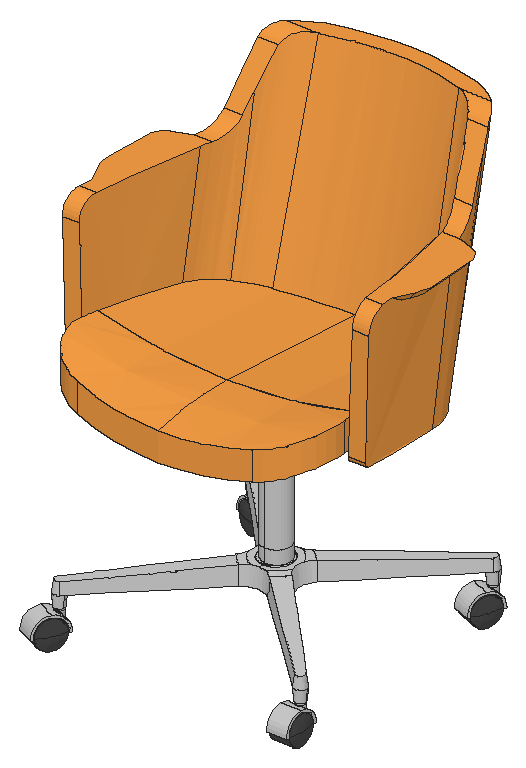
Revit family "FU_Inspec_Carousel_2-2", category Furniture, Revit 2020
Family settings
  OmniClass Number = 23.40.20.00
  OmniClass Title = General Furniture and Specialties
  Work Plane-Based = No
  Always vertical = Yes
  Cut with Voids When Loaded = No
  Shared = No
  Room Calculation Point = No
Parameters (values of type "Carousel 2.2")
  Width = 620 mm
  Default Elevation = 0 mm
  Back Inside Primary Material = Fabric - Orange
  URL = "https://inspecfurniture.com/product-details/carousel-2-2/"
  Seat Material = Fabric - Orange
  No_Casters [instance] = not(Castors)  # no
  Model = "Carousel 2.2"
  Manufacturer = "Inspec"  # constant formula
  Keynote = "46.B"
  Height = 810 mm
  Frame Material = Metal - Chrome - Polished
  Feet Material = Metal - Chrome - Polished
  Description = "Armchair on a 360° swivel chrome or black powder coat base on casters. Upholstered seat and back."
  Content Author = "AEC AB"  # constant formula
  Castors [instance] = yes
  Back Outside Material = Fabric - Orange
  Assembly Code = "E2020"
Types (3, lengths in mm): name | Back Inside Primary Material | URL | Seat Material | No_Casters | Model | Description | Castors | Back Outside Material
  Carousel 2.1 | Leather - Light Tan | "https://inspecfurniture.com/product-details/carousel-2-1/" | Leather - Light Tan | yes | "Carousel 2.1" | "Armchair on a 360° swivel chrome or black powder coat base. Upholstered seat and back." | no | Leather - Light Tan
  Carousel 2.2 | Fabric - Orange | "https://inspecfurniture.com/product-details/carousel-2-2/" | Fabric - Orange | no | "Carousel 2.2" | "Armchair on a 360° swivel chrome or black powder coat base on casters. Upholstered seat and back." | yes | Fabric - Orange
  Carousel 2.3 | Fabric - Grey Woven | "https://inspecfurniture.com/product-details/carousel-2-2/" | Fabric - Grey Woven | yes | "Carousel 2.2" | "Armchair on a 360° swivel chrome or black powder coat base on casters. Upholstered seat and back." | no | Fabric - Grey Woven
Reference planes
  plane 1 "Center (Front/Back)": y = 0
  plane 2: z = 0
  plane 3 "Center (Left/Right)": x = 0
  plane 4: x = -310
  plane 5: x = 310
  plane 6: y = 330
  plane 7: y = -290
  plane 8 "Seat Top": z = 460
  plane 9 "Back Top": z = 818.045
  plane 10 "Back Bottom": z = 369.633
Forms (mm)
  Extrusion 1, void
    sketch origin (0, 0, 0) x (0, 1, 0) y (0, 0, 1)
      loop
        line (325.467, 811.578) -> (325.467, 841.578) -> (-159.533, 841.578) -> (-159.533, 356.578) -> (297.241, 356.578) -> (-128.496, 416.412)
        arc (-128.496, 416.412) -> (-133.818, 419.301) -> (-135.939, 424.974) r 8.646
        line (-135.939, 424.974) -> (-135.939, 632.963)
        arc (-135.939, 632.963) -> (-125.688, 657.711) -> (-100.939, 667.963) r 35
        line (-100.939, 667.963) -> (115.796, 667.963)
        arc (115.796, 667.963) -> (143.296, 675.331) -> (163.428, 695.463) r 55
        line (163.428, 695.463) -> (218.914, 791.568)
        arc (218.914, 791.568) -> (233.563, 806.216) -> (253.573, 811.578) r 40.021
        line (253.573, 811.578) -> (325.467, 811.578)
    from -310 to 308.659
  Sweep 2, solid, material "Fabric - Orange" <- "Seat Material"
    path origin (0, 0, 0) x (0, 1, 0) y (0, 0, 1)
      loop
        line (212.845, 430.065) -> (-110.927, 454.543)
        arc (-110.927, 454.543) -> (-227.217, 449.39) -> (-338.967, 416.8) r 487.236
    profile origin (0, 50.959, 442.304) x (0, -0.075386, -0.997154) y (1, 0, 0)
      loop
        arc (0, 0) -> (-10.078, -137.544) -> (-40.097, -272.15) r 943.634
        line (-40.097, -272.15) -> (12.004, -272.15)
        arc (12.004, -272.15) -> (40.455, -137.395) -> (50, 0) r 993.634
        arc (50, 0) -> (40.455, 137.395) -> (12.004, 272.15) r 993.634
        line (12.004, 272.15) -> (-40.097, 272.15)
        arc (-40.097, 272.15) -> (-10.078, 137.544) -> (0, 0) r 943.634
  Extrusion 3, void
    sketch origin (0, 0, 460) x (-1, 0, 0) y (0, -1, 0)
      loop
        line (-310, 363.222) -> (-310, -305.452) -> (0, -305.452) -> (310, -305.452) -> (310, 363.222) -> (0, 363.222) -> (-310, 363.222)
      loop
        arc (133.176, -147.326) -> (158.903, -131.941) -> (180.871, -111.547) r 143.473
        arc (180.871, -111.547) -> (202.812, -77.86) -> (214.546, -39.407) r 143.473
        arc (214.546, -39.407) -> (227.57, 51.733) -> (238.102, 143.194) r 3371.638
        arc (238.102, 143.194) -> (218.874, 212.924) -> (157.653, 251.446) r 100
        arc (157.653, 251.446) -> (0, 266.594) -> (-157.653, 251.446) r 827.933
        arc (-157.653, 251.446) -> (-218.874, 212.924) -> (-238.102, 143.194) r 100
        arc (-238.102, 143.194) -> (-227.57, 51.733) -> (-214.546, -39.407) r 3371.638
        arc (-214.546, -39.407) -> (-202.812, -77.86) -> (-180.871, -111.547) r 143.473
        arc (-180.871, -111.547) -> (-158.903, -131.941) -> (-133.176, -147.326) r 143.473
        arc (-133.176, -147.326) -> (-68.187, -169.684) -> (0, -178.28) r 334.334
        arc (0, -178.28) -> (68.187, -169.684) -> (133.176, -147.326) r 334.334
    from -90.367 to 60.638
  Revolve 4, solid, material "Metal - Chrome - Polished" <- "Frame Material"
    sketch origin (0, 0, 0) x (0, 1, 0) y (0, 0, 1)
      loop
        line (-23.532, 86.668) -> (0, 86.668) -> (0, 339.093) -> (-13.883, 339.093) -> (-13.883, 302) -> (-25.061, 302) -> (-25.061, 144.981) -> (-23.532, 86.668)
      axis (0, 86.668) -> (0, 339.093)
    angle from 0 to 360
  Extrusion 5, solid, material "Fabric - Orange" <- "Seat Material"
    sketch origin (0, 0, 460) x (-1, 0, 0) y (0, -1, 0)
      loop
        line (-42.181, -84.182) -> (42.181, -84.182)
        arc (42.181, -84.182) -> (52.788, -79.789) -> (57.181, -69.182) r 15
        line (57.181, -69.182) -> (57.181, 69.182)
        arc (57.181, 69.182) -> (52.788, 79.789) -> (42.181, 84.182) r 15
        line (42.181, 84.182) -> (-42.181, 84.182)
        arc (-42.181, 84.182) -> (-52.788, 79.789) -> (-57.181, 69.182) r 15
        line (-57.181, 69.182) -> (-57.181, -69.182)
        arc (-57.181, -69.182) -> (-52.788, -79.789) -> (-42.181, -84.182) r 15
    from -53.609 to -95.025
  Extrusion 6, solid, material "Fabric - Orange" <- "Seat Material"
    sketch origin (0, 0, 460) x (-1, 0, 0) y (0, -1, 0)
      loop
        arc (42.299, -46.999) -> (45.835, -45.535) -> (47.299, -41.999) r 5
        line (47.299, -41.999) -> (47.299, 41.999)
        arc (47.299, 41.999) -> (45.835, 45.535) -> (42.299, 46.999) r 5
        line (42.299, 46.999) -> (-42.299, 46.999)
        arc (-42.299, 46.999) -> (-45.834, 45.535) -> (-47.299, 41.999) r 5
        line (-47.299, 41.999) -> (-47.299, -41.999)
        arc (-47.299, -41.999) -> (-45.834, -45.535) -> (-42.299, -46.999) r 5
        line (-42.299, -46.999) -> (42.299, -46.999)
    from -120.907 to -95.025
  Blend 7, solid, material "Fabric - Orange" <- "Back Inside Primary Material"
    base sketch origin (1.25, 147.551, 667.963) x (0, -1, 0) y (1, 0, 0)
      loop
        line (75.038, -277.557) -> (155.631, -281.329)
        arc (155.631, -281.329) -> (170.985, -280.068) -> (185.511, -274.938) r 60
        line (185.511, -274.938) -> (199.451, -267.889)
        arc (199.451, -267.889) -> (124.476, -256.543) -> (49.869, -242.982) r 2561.415
        line (49.869, -242.982) -> (57.042, -264.031)
        arc (57.042, -264.031) -> (63.956, -273.566) -> (75.038, -277.557) r 20
    top sketch origin (1.25, 147.551, 667.963) x (0, -1, 0) y (1, 0, 0)
      loop
        line (32.859, -239.57) -> (42.844, -268.869)
        arc (42.844, -268.869) -> (54.943, -285.557) -> (74.337, -292.541) r 35
        line (74.337, -292.541) -> (154.929, -296.313)
        arc (154.929, -296.313) -> (174.122, -294.736) -> (192.28, -288.324) r 75
        line (192.28, -288.324) -> (225.855, -271.346)
        arc (225.855, -271.346) -> (129.054, -257.301) -> (32.859, -239.57) r 2561.415
    from -15.5 to 0
  Blend 8, solid, material "Fabric - Orange" <- "Back Inside Primary Material"
    base sketch origin (-1.25, 147.551, 667.963) x (0, -1, 0) y (1, 0, 0)
      loop
        arc (75.038, 277.557) -> (63.956, 273.566) -> (57.042, 264.031) r 20
        line (57.042, 264.031) -> (49.869, 242.982)
        arc (49.869, 242.982) -> (124.476, 256.543) -> (199.451, 267.889) r 2561.415
        line (199.451, 267.889) -> (185.511, 274.938)
        arc (185.511, 274.938) -> (170.985, 280.068) -> (155.631, 281.329) r 60
        line (155.631, 281.329) -> (75.038, 277.557)
    top sketch origin (-1.25, 147.551, 667.963) x (0, -1, 0) y (1, 0, 0)
      loop
        arc (32.859, 239.57) -> (129.054, 257.301) -> (225.855, 271.346) r 2561.415
        line (225.855, 271.346) -> (192.28, 288.324)
        arc (192.28, 288.324) -> (174.122, 294.736) -> (154.929, 296.313) r 75
        line (154.929, 296.313) -> (74.337, 292.541)
        arc (74.337, 292.541) -> (54.943, 285.557) -> (42.844, 268.869) r 35
        line (42.844, 268.869) -> (32.859, 239.57)
    from -15.5 to 0
  Revolve 9, solid, material "Metal - Chrome - Polished" <- "Feet Material", visible <- "No_Casters"
    sketch origin (-104.659, 217.464, 0.248) x (1, 0, 0) y (0, 0, -1)
      loop
        line (321.894, -60) -> (321.894, 0) -> (299.005, 0) -> (296.023, -5.164) -> (296.023, -8.789) -> (307.594, -13) -> (312.594, -13) -> (312.594, -60) -> (321.894, -60)
      axis (321.894, -60) -> (321.894, 0)
    angle from 0 to 360
  Revolve 10, solid, material "Metal - Chrome - Polished" <- "Feet Material", visible <- "Castors"
    sketch origin (449.922, 790.875, 1.462) x (-0.374607, -0.927184, 0) y (0, 0, -1)
      loop
        line (618.893, -58.824) -> (626.429, -58.824) -> (626.429, -55) -> (626.921, -53.944) -> (626.921, -40) -> (618.893, -40) -> (618.893, -58.824)
      axis (618.893, -58.824) -> (618.893, -40)
    angle from 0 to 360
  Extrusion 11, solid, material "Metal - Chrome - Polished" <- "Feet Material", visible <- "Castors"
    sketch origin (498.087, 910.087, 616.276) x (0.071478, 0.176915, -0.981627) y (0.367724, 0.910149, 0.190809)
      loop
        line (428.42, -897.573) -> (429.09, -894.13)
        arc (429.09, -894.13) -> (409.705, -882.689) -> (404.892, -860.701) r 28.164
        arc (404.892, -860.701) -> (417.547, -842.321) -> (439.601, -838.916) r 28.164
        line (439.601, -838.916) -> (440.269, -835.475)
        arc (440.269, -835.475) -> (415.594, -839.415) -> (401.459, -860.021) r 31.664
        arc (401.459, -860.021) -> (406.798, -884.642) -> (428.42, -897.573) r 31.664
    from -18.636 to 18.06
  Revolve 12, solid, material "Plastic - Black", visible <- "Castors"
    sketch origin (482.322, 272.052, 26.076) x (-0.374607, -0.927184, 0) y (0.927184, -0.374607, 0)
      loop
        arc (144.359, -243.031) -> (157.231, -246.152) -> (170.435, -247.201) r 83.612
        line (170.435, -247.201) -> (170.435, -202.165)
        arc (170.435, -202.165) -> (157.231, -203.214) -> (144.359, -206.335) r 83.612
        line (144.359, -206.335) -> (144.359, -243.031)
      axis (170.435, -202.165) -> (170.435, -247.201)
    angle from 0 to 360
  Blend 13, solid, material "Fabric - Orange" <- "Back Inside Primary Material"
    base sketch origin (0, 0, 369.633) x (-1, 0, 0) y (0, -1, 0)
      loop
        line (268.913, 140.014) -> (238.573, 143.138)
        arc (238.573, 143.138) -> (228.075, 52.054) -> (215.1, -38.709) r 3367.138
        arc (215.1, -38.709) -> (203.734, -75.958) -> (182.478, -108.59) r 138.973
        arc (182.478, -108.59) -> (161.2, -128.343) -> (136.283, -143.244) r 138.973
        arc (136.283, -143.244) -> (0, -173.312) -> (-136.283, -143.244) r 323.882
        arc (-136.283, -143.244) -> (-161.2, -128.343) -> (-182.478, -108.59) r 138.973
        arc (-182.478, -108.59) -> (-203.734, -75.958) -> (-215.1, -38.709) r 138.973
        arc (-215.1, -38.709) -> (-228.075, 52.054) -> (-238.573, 143.138) r 3367.138
        line (-238.573, 143.138) -> (-268.913, 140.014)
        arc (-268.913, 140.014) -> (-258.321, 48.128) -> (-245.232, -43.436) r 3397.638
        arc (-245.232, -43.436) -> (-231.371, -88.86) -> (-205.45, -128.654) r 169.473
        arc (-205.45, -128.654) -> (-179.503, -152.741) -> (-149.117, -170.912) r 169.473
        arc (-149.117, -170.912) -> (-76.628, -195.568) -> (-0.566, -204.351) r 360.334
        arc (-0.566, -204.351) -> (0, -204.354) -> (0.566, -204.351) r 66.412
        arc (0.566, -204.351) -> (76.628, -195.568) -> (149.117, -170.912) r 360.334
        arc (149.117, -170.912) -> (179.503, -152.741) -> (205.45, -128.654) r 169.473
        arc (205.45, -128.654) -> (231.371, -88.86) -> (245.232, -43.436) r 169.473
        arc (245.232, -43.436) -> (258.321, 48.128) -> (268.913, 140.014) r 3397.638
    top sketch origin (0, 0, 369.633) x (-1, 0, 0) y (0, -1, 0)
      loop
        arc (252.713, 143.103) -> (235.751, 10.892) -> (211.678, -120.212) r 2469.124
        arc (211.678, -120.212) -> (201.029, -160.572) -> (186.452, -199.686) r 422.755
        arc (186.452, -199.686) -> (162.408, -233.403) -> (126.566, -254.146) r 97.798
        arc (126.566, -254.146) -> (0, -274.008) -> (-126.566, -254.146) r 413.192
        arc (-126.566, -254.146) -> (-162.408, -233.403) -> (-186.452, -199.686) r 97.798
        arc (-186.452, -199.686) -> (-201.029, -160.572) -> (-211.678, -120.212) r 422.755
        arc (-211.678, -120.212) -> (-235.751, 10.892) -> (-252.713, 143.103) r 2469.124
        line (-252.713, 143.103) -> (-283.052, 139.979)
        arc (-283.052, 139.979) -> (-265.882, 6.165) -> (-241.517, -126.528) r 2499.624
        arc (-241.517, -126.528) -> (-230.1, -169.8) -> (-214.471, -211.735) r 453.255
        arc (-214.471, -211.735) -> (-182.928, -255.967) -> (-135.909, -283.18) r 128.298
        arc (-135.909, -283.18) -> (-69.006, -299.348) -> (-0.447, -305.446) r 464.217
        arc (-0.447, -305.446) -> (0, -305.449) -> (0.447, -305.446) r 30.824
        arc (0.447, -305.446) -> (69.006, -299.348) -> (135.909, -283.18) r 464.217
        arc (135.909, -283.18) -> (182.928, -255.967) -> (214.471, -211.735) r 128.298
        arc (214.471, -211.735) -> (230.1, -169.8) -> (241.517, -126.528) r 453.255
        arc (241.517, -126.528) -> (265.882, 6.165) -> (283.052, 139.979) r 2499.624
        line (283.052, 139.979) -> (252.713, 143.103)
    from 0 to 447.495
  Blend 14, solid, material "Metal - Chrome - Polished" <- "Frame Material"
    base sketch origin (0, 0, 0) x (1, 0, 0) y (0, 1, 0)
      loop
        arc (-26.548, -53.102) -> (0, -42.61) -> (26.548, -53.102) r 38.835
        line (26.548, -53.102) -> (210.294, -225.211)
        arc (210.294, -225.211) -> (224.995, -224.986) -> (225.283, -210.286) r 10.583
        line (225.283, -210.286) -> (53.213, -25.969)
        arc (53.213, -25.969) -> (42.975, 0) -> (53.213, 25.969) r 38.055
        line (53.213, 25.969) -> (225.283, 210.286)
        arc (225.283, 210.286) -> (225.014, 225.005) -> (210.294, 225.211) r 10.582
        line (210.294, 225.211) -> (26.548, 53.102)
        arc (26.548, 53.102) -> (0, 42.61) -> (-26.548, 53.102) r 38.835
        line (-26.548, 53.102) -> (-210.294, 225.211)
        arc (-210.294, 225.211) -> (-224.995, 224.986) -> (-225.283, 210.286) r 10.583
        line (-225.283, 210.286) -> (-53.213, 25.969)
        arc (-53.213, 25.969) -> (-42.975, 0) -> (-53.213, -25.969) r 38.055
        line (-53.213, -25.969) -> (-225.283, -210.286)
        arc (-225.283, -210.286) -> (-225.014, -225.005) -> (-210.294, -225.211) r 10.582
        line (-210.294, -225.211) -> (-26.548, -53.102)
    top sketch origin (0, 0, 0) x (1, 0, 0) y (0, 1, 0)
      loop
        line (-29.282, 50.183) -> (-213.028, 222.292)
        arc (-213.028, 222.292) -> (-222.171, 222.154) -> (-222.355, 213.011) r 6.583
        line (-222.355, 213.011) -> (-50.289, 28.699)
        arc (-50.289, 28.699) -> (-38.975, 0) -> (-50.289, -28.699) r 42.055
        line (-50.289, -28.699) -> (-222.359, -213.016)
        arc (-222.359, -213.016) -> (-222.19, -222.173) -> (-213.033, -222.296) r 6.582
        line (-213.033, -222.296) -> (-29.282, -50.183)
        arc (-29.282, -50.183) -> (0, -38.61) -> (29.282, -50.183) r 42.835
        line (29.282, -50.183) -> (213.028, -222.292)
        arc (213.028, -222.292) -> (222.171, -222.154) -> (222.355, -213.011) r 6.583
        line (222.355, -213.011) -> (50.289, -28.699)
        arc (50.289, -28.699) -> (38.975, 0) -> (50.289, 28.699) r 42.055
        line (50.289, 28.699) -> (222.359, 213.016)
        arc (222.359, 213.016) -> (222.19, 222.173) -> (213.033, 222.296) r 6.582
        line (213.033, 222.296) -> (29.282, 50.183)
        arc (29.282, 50.183) -> (0, 38.61) -> (-29.282, 50.183) r 42.835
    from 81.741 to 121.141
  Revolve 15, void
    sketch origin (0, 0, 0) x (0, 1, 0) y (0, 0, 1)
      loop
        line (335.722, 101.512) -> (335.722, 81.926) -> (33.494, 86.718) -> (26.423, 79.647) -> (348.984, 79.647) -> (348.984, 121.805) -> (28.984, 121.805) -> (29.773, 120.438) -> (41.995, 120.438) -> (56.265, 118.938) -> (335.722, 101.512)
      axis (0, 79.647) -> (0, 121.805)
    angle from 0 to 360
  Blend 16, solid, material "Metal - Chrome - Polished" <- "Feet Material"
    base sketch origin (0, 0, 0) x (1, 0, 0) y (0, 1, 0)
      loop
        circle (217.548, 217.507) r 10.582
    top sketch origin (0, 0, 0) x (1, 0, 0) y (0, 1, 0)
      loop
        circle (217.548, 217.507) r 9.503
    from 82.378 to 60.248
  Revolve 17, solid, material "Metal - Chrome - Polished" <- "Feet Material", visible <- "No_Casters"
    sketch origin (-83.43, -332.803, 0.248) x (0.93358, 0.358368, 0) y (0, 0, -1)
      loop
        line (321.894, -60) -> (321.894, 0) -> (299.005, 0) -> (296.023, -5.164) -> (296.023, -8.789) -> (307.594, -13) -> (312.594, -13) -> (312.594, -60) -> (321.894, -60)
      axis (321.894, -60) -> (321.894, 0)
    angle from 0 to 360
  Revolve 18, solid, material "Metal - Chrome - Polished" <- "Feet Material", visible <- "Castors"
    sketch origin (228.825, 401.266, 1.462) x (-0.017452, -0.999848, 0) y (0, 0, -1)
      loop
        line (618.893, -58.824) -> (626.429, -58.824) -> (626.429, -55) -> (626.921, -53.944) -> (626.921, -40) -> (618.893, -40) -> (618.893, -58.824)
      axis (618.893, -58.824) -> (618.893, -40)
    angle from 0 to 360
  Extrusion 19, solid, material "Metal - Chrome - Polished" <- "Feet Material", visible <- "Castors"
    sketch origin (231.069, 529.821, 616.276) x (0.00333, 0.19078, -0.981627) y (0.017132, 0.981478, 0.190809)
      loop
        line (428.42, -897.573) -> (429.09, -894.13)
        arc (429.09, -894.13) -> (409.705, -882.689) -> (404.892, -860.701) r 28.164
        arc (404.892, -860.701) -> (417.547, -842.321) -> (439.601, -838.916) r 28.164
        line (439.601, -838.916) -> (440.269, -835.475)
        arc (440.269, -835.475) -> (415.594, -839.415) -> (401.459, -860.021) r 31.664
        arc (401.459, -860.021) -> (406.798, -884.642) -> (428.42, -897.573) r 31.664
    from -18.636 to 18.06
  Revolve 20, solid, material "Plastic - Black", visible <- "Castors"
    sketch origin (445.002, -71.485, 26.076) x (-0.017452, -0.999848, 0) y (0.999848, -0.017452, 0)
      loop
        arc (144.359, -243.031) -> (157.231, -246.152) -> (170.435, -247.201) r 83.612
        line (170.435, -247.201) -> (170.435, -202.165)
        arc (170.435, -202.165) -> (157.231, -203.214) -> (144.359, -206.335) r 83.612
        line (144.359, -206.335) -> (144.359, -243.031)
      axis (170.435, -202.165) -> (170.435, -247.201)
    angle from 0 to 360
  Blend 21, solid, material "Metal - Chrome - Polished" <- "Feet Material"
    base sketch origin (92.21, -498.316, 0) x (0.93358, 0.358368, 0) y (-0.358368, 0.93358, 0)
      loop
        circle (217.548, 217.507) r 10.582
    top sketch origin (92.21, -498.316, 0) x (0.93358, 0.358368, 0) y (-0.358368, 0.93358, 0)
      loop
        circle (217.548, 217.507) r 9.503
    from 82.378 to 60.248
  Revolve 22, solid, material "Metal - Chrome - Polished" <- "Feet Material", visible <- "No_Casters"
    sketch origin (-539.02, -189.449, 0.248) x (0.996195, -0.087156, 0) y (0, 0, -1)
      loop
        line (321.894, -60) -> (321.894, 0) -> (299.005, 0) -> (296.023, -5.164) -> (296.023, -8.789) -> (307.594, -13) -> (312.594, -13) -> (312.594, -60) -> (321.894, -60)
      axis (321.894, -60) -> (321.894, 0)
    angle from 0 to 360
  Revolve 23, solid, material "Metal - Chrome - Polished" <- "Feet Material", visible <- "Castors"
    sketch origin (63.427, 333.445, 1.462) x (-0.45399, -0.891007, 0) y (0, 0, -1)
      loop
        line (618.893, -58.824) -> (626.429, -58.824) -> (626.429, -55) -> (626.921, -53.944) -> (626.921, -40) -> (618.893, -40) -> (618.893, -58.824)
      axis (618.893, -58.824) -> (618.893, -40)
    angle from 0 to 360
  Extrusion 24, solid, material "Metal - Chrome - Polished" <- "Feet Material", visible <- "Castors"
    sketch origin (121.798, 448.005, 616.276) x (0.086625, 0.170012, -0.981627) y (0.445649, 0.874636, 0.190809)
      loop
        line (428.42, -897.573) -> (429.09, -894.13)
        arc (429.09, -894.13) -> (409.705, -882.689) -> (404.892, -860.701) r 28.164
        arc (404.892, -860.701) -> (417.547, -842.321) -> (439.601, -838.916) r 28.164
        line (439.601, -838.916) -> (440.269, -835.475)
        arc (440.269, -835.475) -> (415.594, -839.415) -> (401.459, -860.021) r 31.664
        arc (401.459, -860.021) -> (406.798, -884.642) -> (428.42, -897.573) r 31.664
    from -18.636 to 18.06
  Revolve 25, solid, material "Plastic - Black", visible <- "Castors"
    sketch origin (50.485, -186.227, 26.076) x (-0.45399, -0.891007, 0) y (0.891007, -0.45399, 0)
      loop
        arc (144.359, -243.031) -> (157.231, -246.152) -> (170.435, -247.201) r 83.612
        line (170.435, -247.201) -> (170.435, -202.165)
        arc (170.435, -202.165) -> (157.231, -203.214) -> (144.359, -206.335) r 83.612
        line (144.359, -206.335) -> (144.359, -243.031)
      axis (170.435, -202.165) -> (170.435, -247.201)
    angle from 0 to 360
  Blend 26, solid, material "Metal - Chrome - Polished" <- "Feet Material"
    base sketch origin (-453.712, -415.207, 0) x (0.996195, -0.087156, 0) y (0.087156, 0.996195, 0)
      loop
        circle (217.548, 217.507) r 10.582
    top sketch origin (-453.712, -415.207, 0) x (0.996195, -0.087156, 0) y (0.087156, 0.996195, 0)
      loop
        circle (217.548, 217.507) r 9.503
    from 82.378 to 60.248
  Revolve 27, solid, material "Metal - Chrome - Polished" <- "Feet Material", visible <- "No_Casters"
    sketch origin (-217.448, -104.675, 0.248) x (0, 1, 0) y (0, 0, -1)
      loop
        line (321.894, -60) -> (321.894, 0) -> (299.005, 0) -> (296.023, -5.164) -> (296.023, -8.789) -> (307.594, -13) -> (312.594, -13) -> (312.594, -60) -> (321.894, -60)
      axis (321.894, -60) -> (321.894, 0)
    angle from 0 to 360
  Revolve 28, solid, material "Metal - Chrome - Polished" <- "Feet Material", visible <- "Castors"
    sketch origin (-790.859, 449.906, 1.462) x (0.927184, -0.374607, 0) y (0, 0, -1)
      loop
        line (618.893, -58.824) -> (626.429, -58.824) -> (626.429, -55) -> (626.921, -53.944) -> (626.921, -40) -> (618.893, -40) -> (618.893, -58.824)
      axis (618.893, -58.824) -> (618.893, -40)
    angle from 0 to 360
  Extrusion 29, solid, material "Metal - Chrome - Polished" <- "Feet Material", visible <- "Castors"
    sketch origin (-910.071, 498.071, 616.276) x (-0.176915, 0.071478, -0.981627) y (-0.910149, 0.367724, 0.190809)
      loop
        line (428.42, -897.573) -> (429.09, -894.13)
        arc (429.09, -894.13) -> (409.705, -882.689) -> (404.892, -860.701) r 28.164
        arc (404.892, -860.701) -> (417.547, -842.321) -> (439.601, -838.916) r 28.164
        line (439.601, -838.916) -> (440.269, -835.475)
        arc (440.269, -835.475) -> (415.594, -839.415) -> (401.459, -860.021) r 31.664
        arc (401.459, -860.021) -> (406.798, -884.642) -> (428.42, -897.573) r 31.664
    from -18.636 to 18.06
  Revolve 30, solid, material "Plastic - Black", visible <- "Castors"
    sketch origin (-272.036, 482.306, 26.076) x (0.927184, -0.374607, 0) y (0.374607, 0.927184, 0)
      loop
        arc (144.359, -243.031) -> (157.231, -246.152) -> (170.435, -247.201) r 83.612
        line (170.435, -247.201) -> (170.435, -202.165)
        arc (170.435, -202.165) -> (157.231, -203.214) -> (144.359, -206.335) r 83.612
        line (144.359, -206.335) -> (144.359, -243.031)
      axis (170.435, -202.165) -> (170.435, -247.201)
    angle from 0 to 360
  Blend 31, solid, material "Metal - Chrome - Polished" <- "Feet Material"
    base sketch origin (0.016, -0.016, 0) x (0, 1, 0) y (-1, 0, 0)
      loop
        circle (217.548, 217.507) r 10.582
    top sketch origin (0.016, -0.016, 0) x (0, 1, 0) y (-1, 0, 0)
      loop
        circle (217.548, 217.507) r 9.503
    from 82.378 to 60.248
Cuts and joins
  Extrusion 1 cuts Blend 13
  joined: Blend 7, Blend 8, Blend 13
  Extrusion 3 cuts Sweep 2
  joined: Sweep 2, Extrusion 5, Extrusion 6
  Revolve 15 cuts Blend 14
Lines and regions (mm)
  Masking region 1
    outline origin (0, 0, 460) x (-1, 0, 0) y (0, -1, 0)
      loop
        line (271.068, 78.855) -> (275.712, 124.945)
        arc (275.712, 124.945) -> (273.18, 132.655) -> (265.762, 135.947) r 10
        line (265.762, 135.947) -> (242.359, 135.947)
        arc (242.359, 135.947) -> (224.448, 208.839) -> (162.653, 251.446) r 105.666
        arc (162.653, 251.446) -> (81.901, 265.347) -> (0, 267.836) r 585.307
        arc (0, 267.836) -> (-81.901, 265.347) -> (-162.653, 251.446) r 585.307
        arc (-162.653, 251.446) -> (-224.448, 208.839) -> (-242.359, 135.947) r 105.666
        line (-242.359, 135.947) -> (-265.762, 135.947)
        arc (-265.762, 135.947) -> (-273.18, 132.655) -> (-275.712, 124.945) r 10
        line (-275.712, 124.945) -> (-271.068, 78.855) -> (-288.918, 43.555)
        arc (-288.918, 43.555) -> (-294.903, 26.607) -> (-296.374, 8.694) r 70
        line (-296.374, 8.694) -> (-292.223, -80.016)
        arc (-292.223, -80.016) -> (-287.234, -93.868) -> (-275.314, -102.51) r 25
        line (-275.314, -102.51) -> (-239.193, -114.82)
        arc (-239.193, -114.82) -> (-222.601, -174.655) -> (-200.854, -232.815) r 711.236
        arc (-200.854, -232.815) -> (-193.215, -243.791) -> (-184.097, -253.573) r 94.065
        arc (-184.097, -253.573) -> (-161.63, -270.31) -> (-136.072, -281.788) r 128.666
        arc (-136.072, -281.788) -> (-68.877, -298.098) -> (0, -304.198) r 462.094
        arc (0, -304.198) -> (68.877, -298.098) -> (136.072, -281.788) r 462.094
        arc (136.072, -281.788) -> (161.63, -270.31) -> (184.097, -253.573) r 128.666
        arc (184.097, -253.573) -> (193.215, -243.791) -> (200.854, -232.815) r 94.065
        arc (200.854, -232.815) -> (222.601, -174.655) -> (239.193, -114.82) r 711.236
        line (239.193, -114.82) -> (275.314, -102.51)
        arc (275.314, -102.51) -> (287.234, -93.868) -> (292.223, -80.016) r 25
        line (292.223, -80.016) -> (296.374, 8.694)
        arc (296.374, 8.694) -> (294.903, 26.607) -> (288.918, 43.555) r 70
        line (288.918, 43.555) -> (271.068, 78.855)
  symbolic lines
    curve 1: arc (0, 269.694, 460) -> (-64.311, 263.885, 460) -> (-127.003, 248.41, 460) r 425.442
    curve 2: spline (-151.755, 235.559, 460) -> (-149.844, 236.896, 460) -> (-147.902, 238.188, 460) -> (-145.929, 239.432, 460) -> (-143.928, 240.628, 460) -> (-141.898, 241.777, 460) -> (-139.841, 242.876, 460) -> (-137.759, 243.926, 460) -> (-135.652, 244.925, 460) -> (-133.522, 245.874, 460) -> (-131.369, 246.771, 460) -> (-129.196, 247.617, 460) -> (-127.003, 248.41, 460)
    curve 3: line (-161.045, 224.22, 460) -> (-151.755, 235.559, 460)
    curve 4: spline (-161.045, 224.22, 460) -> (-163.056, 220.867, 460) -> (-165.01, 217.506, 460) -> (-166.908, 214.137, 460) -> (-168.748, 210.76, 460) -> (-170.532, 207.375, 460) -> (-172.257, 203.983, 460) -> (-173.926, 200.583, 460) -> (-175.536, 197.177, 460) -> (-177.09, 193.764, 460) -> (-178.585, 190.344, 460) -> (-180.022, 186.918, 460) -> (-181.401, 183.487, 460)
    curve 5: arc (-242.359, -135.947, 460) -> (-221.483, 25.602, 460) -> (-181.401, 183.487, 460) r 1357.077
    curve 6: arc (0, 269.694, 460) -> (64.311, 263.885, 460) -> (127.003, 248.41, 460) r 425.442
    curve 7: spline (151.755, 235.559, 460) -> (149.844, 236.896, 460) -> (147.902, 238.188, 460) -> (145.929, 239.432, 460) -> (143.928, 240.628, 460) -> (141.898, 241.777, 460) -> (139.841, 242.876, 460) -> (137.759, 243.926, 460) -> (135.652, 244.925, 460) -> (133.522, 245.874, 460) -> (131.369, 246.771, 460) -> (129.196, 247.617, 460) -> (127.003, 248.41, 460)
    curve 8: line (161.045, 224.22, 460) -> (151.755, 235.559, 460)
    curve 9: spline (161.045, 224.22, 460) -> (163.056, 220.867, 460) -> (165.01, 217.506, 460) -> (166.908, 214.137, 460) -> (168.748, 210.76, 460) -> (170.532, 207.375, 460) -> (172.257, 203.983, 460) -> (173.926, 200.583, 460) -> (175.536, 197.177, 460) -> (177.09, 193.764, 460) -> (178.585, 190.344, 460) -> (180.022, 186.918, 460) -> (181.401, 183.487, 460)
    curve 10: arc (242.359, -135.947, 460) -> (221.483, 25.602, 460) -> (181.401, 183.487, 460) r 1357.077
    curve 11: arc (-221.483, 25.602, 460) -> (-150.503, 134.46, 460) -> (-27.707, 176.997, 460) r 200.662
    curve 12: arc (221.483, 25.602, 460) -> (150.503, 134.46, 460) -> (27.707, 176.997, 460) r 200.662
    curve 13: line (-27.707, 176.997, 460) -> (27.707, 176.997, 460)
Dimensions and locks
  aligned and locked: level to plane 2
